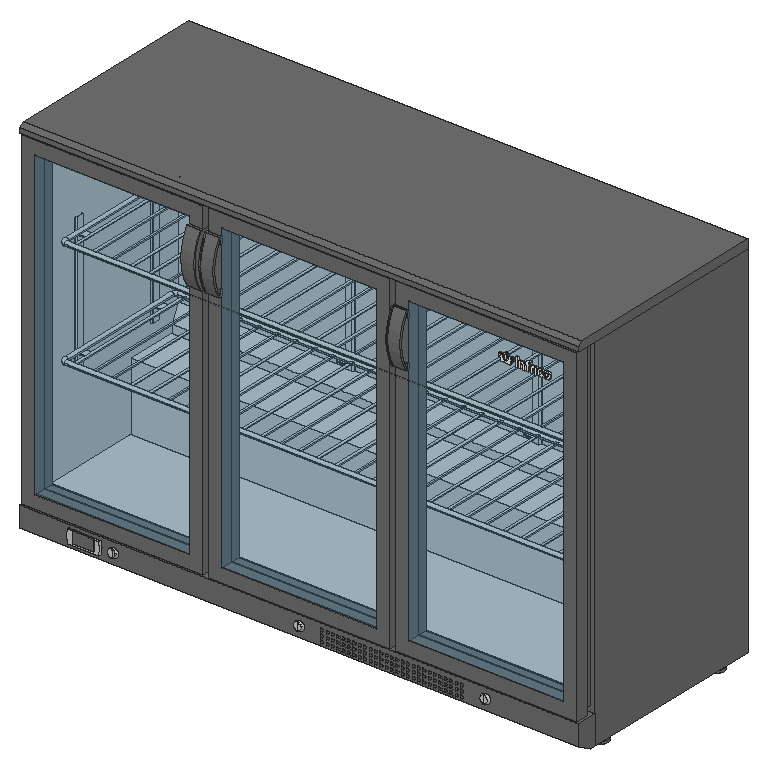
Revit family "QF_INFRICO_ERV35_250807112618", category Specialty Equipment, Revit 2021
Family settings
  Round Connector Dimension = Use Diameter
  Part Type = Normal
  OmniClass Number = 23.40.40.14
  OmniClass Title = Food Service Equipment
  Work Plane-Based = No
  Always vertical = Yes
  Cut with Voids When Loaded = No
  Shared = No
  Room Calculation Point = No
Parameters (values of type "ERV35")
  Weight [instance] = 116.002 kg
  Warranty Start Date [instance] = ""
  Warranty Duration [instance] = ""
  Volts [instance] = 230 V
  Volt Free Conn [instance] = no
  URL Recommended Spares List [instance] = ""
  URL Manufacturer [instance] = ""
  URL Cutsheet [instance] = ""
  URL Critical Spares List [instance] = ""
  URL = "www.infrico.com"
  Technical Documentation [instance] = ""
  Tag Number [instance] = ""
  Status [instance] = ""
  Start Up Current [instance] = 0 A
  Specification by User [instance] = ""
  Specification by Manufacturer [instance] = ""
  Sound Level [instance] = ""
  Show Logo [instance] = yes
  Show Clearances [instance] = yes
  Service Life Duration [instance] = ""
  Serial Number [instance] = ""
  Seismic Rating [instance] = ""
  SMACNA No [instance] = ""
  Revision Code [instance] = ""
  Revision [instance] = ""
  Production Year [instance] = ""
  Potential Equalisation [instance] = no
  Point Load [instance] = 0
  Phase [instance] = 1
  Other Equipment Approvals [instance] = ""
  Operational Current [instance] = 0 A
  Number of Poles [instance] = 2
  No Load Power Draw [instance] = no
  NAFEM Spec ID Number [instance] = ""
  Model Warning [instance] = ""
  Model = "ERV35"
  Min Ckt Ampacity [instance] = 0 A
  Max Overcurrent Protection [instance] = 0 A
  Masterspec [instance] = ""
  Manufacturer = "INFRICO"
  Main switch integrated [instance] = no
  Length Actual [instance] = 1350.01 mm
  Item Number [instance] = ""
  Installed By [instance] = ""
  Installation Date [instance] = ""
  Identify Quantity as Lot [instance] = no
  ID [instance] = ""
  Hygiene Approval [instance] = ""
  Height Actual [instance] = 919.988 mm
  HP power [instance] = ""
  Furnished By [instance] = ""
  Foodservice Equipment Identifier [instance] = no
  FL Amps [instance] = 0 A
  Electrical Remarks [instance] = ""
  Electric power [instance] = 260 W
  Electric Connection Type [instance] = ""
  Elec Conn RI Height [instance] = 0 mm
  Elec Conn Connection Height [instance] = 0 mm
  ETL Approved [instance] = no
  Description = "BACK-BAR 920 MM HEIGHT - GLASS DOORS - THREE DOORS - R290"
  Depth Actual [instance] = 510.032 mm
  Default Elevation = 0 mm
  Cycle [instance] = 50 Hz
  Cost = 0
  Connection to energy optimisation system [instance] = yes
  Conn Plug [instance] = ""
  Conn Conduit [instance] = no
  Centralized building control system with digital interface [instance] = ""
  CSI MasterFormat [instance] = ""
  CE Approved [instance] = no
  Barcode [instance] = 0
  Author [instance] = ""
  Asset Identifier [instance] = ""
  Apparent Power [instance] = 260 VA
  Accessory [instance] = no
Reference planes
  plane 1 "Center (Front/Back)": y = 0
  plane 2: z = 0
  plane 3 "Center (Left/Right)": x = 0
Forms (mm)
  Extrusion 1, solid, not visible
    sketch origin (670.033, -4, 35.002) x (1, 0, 0) y (0, 1, 0)
      loop
        line (-2, 2) -> (-2, -2) -> (2, -2) -> (2, 2) -> (-2, 2)
    from -2 to 2
Dimensions and locks
  locked: Extrusion 1 to nested 2
  locked: nested 2 to Extrusion 1 at 2
  aligned and locked: level to plane 2
Nested families
  nested 1: "QF_INFRICO_ERV35_2920" at (0, 0, 0), type "ERV35"
    with Weight 116.002 kg, Warranty Start Date "", Warranty Duration "", URL Cutsheet "", Technical Documentation "", Tag Number "", Status "", Specification by User "", Specification by Manufacturer "", Sound Level "", Solid Fuel Type "", Show Logo yes, Show Clearances yes, Show Clearance yes, Service Life Duration "", Serial Number "", Seismic Rating "", SMACNA No "", Revision Code "", Revision "", Production Year "", Point Load 0, Other Equipment Approvals "", NAFEM Spec ID Number "", Model Warning "", Masterspec "", Length Actual 1350.01 mm, Item Number "", Installed By "", Installation Date "", Identify Quantity as Lot yes, ID "", Hygiene Approval "", Height Actual 919.988 mm, Furnished By "", Foodservice Equipment Identifier yes, ETL Approved yes, Depth Actual 510.032 mm, CSI MasterFormat "", CE Approved no, Barcode "", Author "", Asset Identifier "", Accessory no
  nested 2: "CONN_POINT_ELE_2D___Generic_Annotation" at (670.033, -2, 35.002), type "CONN_POINT_ELE_2D___Generic_Annotation"
    with Onboard connection annotation symbol visibility yes
Connectors
  electrical at (670.033, -2, 35.002), driven by "Apparent Power", driven by "Number of Poles", driven by "Volts"
    settings: on Extrusion 1, index 1, voltage 230 V, apparent load 0 VA, apparent load phase1 260 VA, apparent load phase2 0 VA, apparent load phase3 0 VA, power factor 1, load classification "Other", number of poles 2, system type 31, power factor state 1, is connector primary yes, connector utility no, sub classification motor no, connector description "Electrical connection for ERV35"
Definition of nested family "QF_INFRICO_ERV35_2920"
  Parameters (values of type "ERV35")
    Weight [instance] = 0.00 kg
    Warranty Start Date [instance] = ""
    Warranty Duration [instance] = ""
    URL Cutsheet [instance] = ""
    URL = "www.infrico.com"
    Technical Documentation [instance] = ""
    Tag Number [instance] = ""
    Status [instance] = ""
    Specification by User [instance] = ""
    Specification by Manufacturer [instance] = ""
    Sound Level [instance] = ""
    Solid Fuel Type [instance] = ""
    Show Logo [instance] = yes
    Show Clearances [instance] = yes
    Show Clearance [instance] = yes
    Service Life Duration [instance] = ""
    Serial Number [instance] = ""
    Seismic Rating [instance] = ""
    SMACNA No [instance] = ""
    Revision Code [instance] = ""
    Revision [instance] = ""
    Production Year [instance] = ""
    Point Load [instance] = 0
    Other Equipment Approvals [instance] = ""
    NAFEM Spec ID Number [instance] = ""
    Model Warning [instance] = ""
    Model = "ERV35"
    Masterspec [instance] = ""
    Manufacturer = "INFRICO"
    Length Actual [instance] = 0 mm
    Item Number [instance] = ""
    Installed By [instance] = ""
    Installation Date [instance] = ""
    Identify Quantity as Lot [instance] = yes
    ID [instance] = ""
    Hygiene Approval [instance] = ""
    Height Actual [instance] = 0 mm
    Furnished By [instance] = ""
    Foodservice Equipment Identifier [instance] = yes
    ETL Approved [instance] = yes
    Description = "BACK-BAR 920 MM HEIGHT - GLASS DOORS - THREE DOORS - R290"
    Depth Actual [instance] = 0 mm
    Default Elevation = 0 mm
    CSI MasterFormat [instance] = ""
    CE Approved [instance] = yes
    Barcode [instance] = ""
    Author [instance] = ""
    Asset Identifier [instance] = ""
    Assembly Code = "E1090320"
    Accessory [instance] = yes
  Reference planes
    plane 1 "Back": y = 0
    plane 2: z = 0
    plane 3 "Left": x = 0
    plane 4 "Right": x = 1350
    plane 5 "Front": y = -510
    plane 6 "Top": z = 920
  Forms (mm)
    Extrusion 1, solid
      sketch origin (451, -480, -13) x (1, 0, 0) y (0, 0, 1)
        loop
          line (5, 897.5) -> (5, 97.5) -> (443, 97.5) -> (443, 897.5) -> (5, 897.5)
        loop
          line (411, 865.5) -> (37, 865.5) -> (37, 129.5) -> (411, 129.5) -> (411, 865.5)
      from 0 to 30
    Extrusion 2, solid
      sketch origin (-549, -460, -13) x (1, 0, 0) y (0, 0, 1)
        loop
          line (1015, 887.5) -> (1015, 107.5) -> (1433, 107.5) -> (1433, 887.5) -> (1015, 887.5)
        loop
          line (1037, 865.5) -> (1037, 129.5) -> (1411, 129.5) -> (1411, 865.5) -> (1037, 865.5)
      from 0 to 20
    Extrusion 3, solid, visible <- "Show Logo"
      sketch origin (-4.231, -510, 106.214) x (1, 0, 0) y (0, 0, 1)
        loop
          line (1208.799, 696.53) -> (1208.799, 719.204) -> (1204.173, 719.204) -> (1204.173, 696.53) -> (1208.799, 696.53)
        loop
          line (1214.779, 713.006) -> (1211.283, 713.006) -> (1211.283, 696.53) -> (1215.772, 696.53) -> (1215.772, 707.832)
          arc (1215.772, 707.832) -> (1217.528, 708.741) -> (1219.417, 709.324) r 11.052
          arc (1219.417, 709.324) -> (1220.929, 708.961) -> (1221.598, 707.557) r 1.806
          line (1221.598, 707.557) -> (1221.598, 696.53) -> (1226.121, 696.53) -> (1226.121, 708.689)
          arc (1226.121, 708.689) -> (1224.637, 712.075) -> (1221.141, 713.281) r 4.607
          arc (1221.141, 713.281) -> (1218.282, 712.674) -> (1215.669, 711.361) r 11.435
          line (1215.669, 711.361) -> (1215.601, 712.184)
          arc (1215.601, 712.184) -> (1215.36, 712.765) -> (1214.779, 713.006) r 0.822
        loop
          line (1238.557, 720.102) -> (1237.306, 720.102)
          arc (1237.306, 720.102) -> (1235.052, 719.926) -> (1232.881, 719.297) r 11.103
          arc (1232.881, 719.297) -> (1230.805, 717.616) -> (1230.024, 715.062) r 4.567
          line (1230.024, 715.062) -> (1230.024, 712.909) -> (1227.351, 712.703) -> (1227.351, 709.374) -> (1230.024, 709.374) -> (1230.024, 696.53) -> (1234.547, 696.53) -> (1234.547, 709.374) -> (1238.249, 709.374) -> (1238.249, 712.938) -> (1234.547, 712.938) -> (1234.547, 714.548)
          arc (1234.547, 714.548) -> (1234.956, 715.705) -> (1236.045, 716.271) r 1.67
          line (1236.045, 716.271) -> (1237.7, 716.399)
          arc (1237.7, 716.399) -> (1238.306, 716.65) -> (1238.557, 717.255) r 0.857
          line (1238.557, 717.255) -> (1238.557, 720.102)
        loop
          line (1239.479, 713.006) -> (1239.479, 696.53) -> (1243.968, 696.53) -> (1243.968, 707.352)
          arc (1243.968, 707.352) -> (1245.873, 708.631) -> (1248.077, 709.268) r 7.435
          line (1248.077, 709.268) -> (1249.241, 709.416)
          arc (1249.241, 709.416) -> (1249.643, 709.758) -> (1249.793, 710.265) r 0.928
          line (1249.793, 710.265) -> (1249.793, 712.458)
          arc (1249.793, 712.458) -> (1249.531, 713.061) -> (1248.912, 713.28) r 0.824
          arc (1248.912, 713.28) -> (1246.197, 712.588) -> (1243.899, 710.984) r 7.833
          line (1243.899, 710.984) -> (1243.726, 713.006) -> (1239.479, 713.006)
        loop
          line (1255.495, 696.53) -> (1255.495, 713.006) -> (1251.006, 713.006) -> (1251.006, 696.53) -> (1255.495, 696.53)
        loop
          arc (1257.421, 701.327) -> (1258.567, 698.188) -> (1261.466, 696.525) r 4.873
          arc (1261.466, 696.525) -> (1264.493, 696.266) -> (1267.521, 696.525) r 17.816
          arc (1267.521, 696.525) -> (1270.575, 699.134) -> (1271.505, 703.041) r 6.481
          line (1271.505, 703.041) -> (1267.187, 703.041) -> (1267.187, 701.67)
          arc (1267.187, 701.67) -> (1266.64, 700.452) -> (1265.442, 699.865) r 1.965
          arc (1265.442, 699.865) -> (1264.547, 699.816) -> (1263.653, 699.865) r 8.196
          arc (1263.653, 699.865) -> (1262.417, 700.415) -> (1261.91, 701.67) r 1.806
          line (1261.91, 701.67) -> (1261.91, 707.9)
          arc (1261.91, 707.9) -> (1262.417, 709.155) -> (1263.653, 709.705) r 1.806
          arc (1263.653, 709.705) -> (1264.547, 709.754) -> (1265.442, 709.705) r 8.196
          arc (1265.442, 709.705) -> (1266.64, 709.118) -> (1267.187, 707.9) r 1.965
          line (1267.187, 707.9) -> (1267.187, 706.838) -> (1271.505, 706.838)
          arc (1271.505, 706.838) -> (1270.524, 710.556) -> (1267.521, 712.959) r 6.132
          arc (1267.521, 712.959) -> (1264.493, 713.294) -> (1261.466, 712.959) r 13.851
          arc (1261.466, 712.959) -> (1258.571, 711.349) -> (1257.421, 708.243) r 4.772
          line (1257.421, 708.243) -> (1257.421, 701.327)
        loop
          arc (1272.916, 701.329) -> (1273.993, 698.345) -> (1276.726, 696.734) r 4.676
          arc (1276.726, 696.734) -> (1278.515, 696.455) -> (1280.318, 696.291) r 28.371
          arc (1280.318, 696.291) -> (1282.122, 696.455) -> (1283.911, 696.734) r 28.371
          arc (1283.911, 696.734) -> (1286.644, 698.345) -> (1287.72, 701.329) r 4.676
          line (1287.72, 701.329) -> (1287.72, 708.242)
          arc (1287.72, 708.242) -> (1286.644, 711.226) -> (1283.911, 712.837) r 4.676
          arc (1283.911, 712.837) -> (1282.122, 713.116) -> (1280.318, 713.28) r 28.371
          arc (1280.318, 713.28) -> (1278.515, 713.116) -> (1276.726, 712.837) r 28.371
          arc (1276.726, 712.837) -> (1273.993, 711.226) -> (1272.916, 708.242) r 4.676
          line (1272.916, 708.242) -> (1272.916, 701.329)
        loop
          line (1277.405, 707.866) -> (1277.405, 701.705)
          arc (1277.405, 701.705) -> (1277.844, 700.556) -> (1278.936, 699.991) r 1.725
          arc (1278.936, 699.991) -> (1279.627, 699.918) -> (1280.318, 699.856) r 46.133
          arc (1280.318, 699.856) -> (1281.01, 699.918) -> (1281.701, 699.991) r 46.133
          arc (1281.701, 699.991) -> (1282.793, 700.556) -> (1283.231, 701.705) r 1.725
          line (1283.231, 701.705) -> (1283.231, 707.866)
          arc (1283.231, 707.866) -> (1282.793, 709.015) -> (1281.701, 709.58) r 1.725
          arc (1281.701, 709.58) -> (1281.01, 709.653) -> (1280.318, 709.716) r 46.133
          arc (1280.318, 709.716) -> (1279.627, 709.653) -> (1278.936, 709.58) r 46.133
          arc (1278.936, 709.58) -> (1277.844, 709.015) -> (1277.405, 707.866) r 1.725
        loop
          arc (1190.339, 696.543) -> (1191.411, 696.987) -> (1191.856, 698.059) r 1.516
          line (1191.856, 698.059) -> (1191.856, 703.891) -> (1196.035, 703.891)
          arc (1196.035, 703.891) -> (1196.79, 704.121) -> (1197.218, 704.782) r 1.147
          line (1197.218, 704.782) -> (1197.218, 706.211)
          arc (1197.218, 706.211) -> (1196.787, 707.258) -> (1195.719, 707.634) r 1.385
          line (1195.719, 707.634) -> (1194.52, 707.634) -> (1197.218, 710.332)
          arc (1197.218, 710.332) -> (1197.605, 711.266) -> (1197.218, 712.2) r 1.321
          line (1197.218, 712.2) -> (1196.495, 712.923)
          arc (1196.495, 712.923) -> (1195.54, 713.338) -> (1194.558, 712.991) r 1.422
          line (1194.558, 712.991) -> (1191.853, 710.286) -> (1191.853, 711.479)
          arc (1191.853, 711.479) -> (1191.443, 712.516) -> (1190.435, 712.992) r 1.516
          line (1190.435, 712.992) -> (1189.514, 712.992)
          arc (1189.514, 712.992) -> (1188.511, 712.514) -> (1188.103, 711.479) r 1.516
          line (1188.103, 711.479) -> (1188.103, 706.83) -> (1182.073, 701.336) -> (1182.073, 707.509) -> (1185.639, 711.075)
          arc (1185.639, 711.075) -> (1186.053, 712.073) -> (1185.639, 713.071) r 1.412
          line (1185.639, 713.071) -> (1184.987, 713.723)
          arc (1184.987, 713.723) -> (1183.939, 714.141) -> (1182.915, 713.667) r 1.428
          line (1182.915, 713.667) -> (1182.073, 712.825) -> (1182.073, 717.784)
          arc (1182.073, 717.784) -> (1181.658, 718.787) -> (1180.655, 719.203) r 1.418
          line (1180.655, 719.203) -> (1179.726, 719.203)
          arc (1179.726, 719.203) -> (1178.723, 718.787) -> (1178.308, 717.784) r 1.418
          line (1178.308, 717.784) -> (1178.308, 712.825) -> (1177.466, 713.667)
          arc (1177.466, 713.667) -> (1176.442, 714.141) -> (1175.394, 713.723) r 1.428
          line (1175.394, 713.723) -> (1174.742, 713.071)
          arc (1174.742, 713.071) -> (1174.328, 712.073) -> (1174.742, 711.075) r 1.412
          line (1174.742, 711.075) -> (1178.308, 707.509) -> (1178.308, 701.336) -> (1172.278, 706.83) -> (1172.278, 711.479)
          arc (1172.278, 711.479) -> (1171.87, 712.514) -> (1170.867, 712.992) r 1.516
          line (1170.867, 712.992) -> (1169.946, 712.992)
          arc (1169.946, 712.992) -> (1168.938, 712.516) -> (1168.528, 711.479) r 1.516
          line (1168.528, 711.479) -> (1168.528, 710.286) -> (1165.823, 712.991)
          arc (1165.823, 712.991) -> (1164.841, 713.338) -> (1163.886, 712.923) r 1.422
          line (1163.886, 712.923) -> (1163.163, 712.2)
          arc (1163.163, 712.2) -> (1162.776, 711.266) -> (1163.163, 710.332) r 1.321
          line (1163.163, 710.332) -> (1165.861, 707.634) -> (1164.662, 707.634)
          arc (1164.662, 707.634) -> (1163.594, 707.258) -> (1163.163, 706.211) r 1.385
          line (1163.163, 706.211) -> (1163.163, 704.782)
          arc (1163.163, 704.782) -> (1163.591, 704.121) -> (1164.346, 703.891) r 1.147
          line (1164.346, 703.891) -> (1168.525, 703.891) -> (1168.525, 698.059)
          arc (1168.525, 698.059) -> (1168.969, 696.987) -> (1170.042, 696.543) r 1.516
          line (1170.042, 696.543) -> (1190.339, 696.543)
      from 0 to 2
    Extrusion 4, solid
      sketch origin (-549, -510, -63) x (1, 0, 0) y (0, 0, 1)
        loop
          line (1005, 897.5) -> (1005, 895.5) -> (1037, 880.5) -> (1037, 897.5) -> (1005, 897.5)
      from 0 to 3
    Extrusion 5, solid
      sketch origin (-549, -510, 1602) x (1, 0, 0) y (0, 0, 1)
        loop
          line (1005, -897.5) -> (1037, -897.5) -> (1037, -880.5) -> (1005, -895.5) -> (1005, -897.5)
      from 0 to 3
    Extrusion 6, solid
      sketch origin (-549, 0, -13) x (0, 1, 0) y (0, 0, 1)
        loop
          line (-513, 845.5) -> (-513, 847.5) -> (-518.104, 847.5)
          arc (-518.104, 847.5) -> (-537.038, 782.5) -> (-518.104, 717.5) r 121.038
          line (-518.104, 717.5) -> (-513, 717.5) -> (-513, 719.5) -> (-517, 719.5)
          arc (-517, 719.5) -> (-535.038, 782.5) -> (-517, 845.5) r 119.038
          line (-517, 845.5) -> (-513, 845.5)
      from 1005 to 1037
    Extrusion 7, solid
      sketch origin (-549, 0, 584.5) x (1, 0, 0) y (0, 1, 0)
        loop
          line (1005, -513) -> (1005, -487) -> (1002, -490) -> (1002, -513) -> (1005, -513)
      from 120 to 250
    Extrusion 8, solid
      sketch origin (-549, 0, -13) x (0, 1, 0) y (0, 0, 1)
        loop
          line (-513, 847.5) -> (-518.104, 847.5)
          arc (-518.104, 847.5) -> (-537.038, 782.5) -> (-518.104, 717.5) r 121.038
          line (-518.104, 717.5) -> (-513, 717.5) -> (-513, 847.5)
      from 1002 to 1005
    Extrusion 9, solid
      sketch origin (0, 0, -815) x (0, 1, 0) y (0, 0, 1)
        loop
          line (-458, 931.5) -> (-458, 919.5) -> (-204, 919.5) -> (-204, 1084.5) -> (-81, 1084.5) -> (-81, 1113.667) -> (-61, 1153.667) -> (-61, 1494.333) -> (-81, 1534.333) -> (-81, 1693.5) -> (-458, 1693.5) -> (-458, 1681.5) -> (-93, 1681.5) -> (-93, 1531.5) -> (-73, 1491.5) -> (-73, 1156.5) -> (-93, 1116.5) -> (-93, 1096.5) -> (-216, 1096.5) -> (-216, 931.5) -> (-458, 931.5)
      from 30 to 1320
    Extrusion 10, solid, visible <- "Show Clearance", detail levels coarse
      sketch origin (899, 0, 0) x (-1, 0, 0) y (0, -1, 0)
        loop
          line (5, 510) -> (443, 510)
          arc (443, 510) -> (323.5, 798.5) -> (35, 918) r 408
          line (35, 918) -> (5, 918) -> (5, 510)
      from 84.5 to 884.5
    Extrusion 11, solid
      sketch origin (-549, -508, 0) x (1, 0, 0) y (0, 0, 1)
        loop
          line (1037, 852.5) -> (1037, 116.5) -> (1411, 116.5) -> (1411, 852.5) -> (1037, 852.5)
      from 0 to 2
    Extrusion 12, solid
      sketch origin (-925.627, -156, 332.5) x (1, 0, 0) y (0, 1, 0)
        loop
          line (957.627, 0) -> (958.627, 0) -> (958.627, 1) -> (962.627, 3) -> (962.627, 18) -> (958.627, 20) -> (958.627, 21) -> (957.627, 21) -> (957.627, 19.382) -> (961.627, 17.382) -> (961.627, 3.618) -> (957.627, 1.618) -> (957.627, 0)
      from 0 to 330
    Extrusion 13, solid
      sketch origin (-829.627, -156, 625.5) x (1, 0, 0) y (0, 1, 0)
        loop
          line (862.627, 21) -> (862.627, 20) -> (866.627, 18) -> (866.627, 3) -> (862.627, 1) -> (862.627, 0) -> (892.627, 0) -> (892.627, 21) -> (862.627, 21)
      from 0 to 2
    Extrusion 14, solid
      sketch origin (-829.627, -156, 367.5) x (1, 0, 0) y (0, 1, 0)
        loop
          line (862.627, 21) -> (862.627, 20) -> (866.627, 18) -> (866.627, 3) -> (862.627, 1) -> (862.627, 0) -> (892.627, 0) -> (892.627, 21) -> (862.627, 21)
      from 0 to 2
    Extrusion 15, solid
      sketch origin (-925.627, -386, 332.5) x (1, 0, 0) y (0, 1, 0)
        loop
          line (957.627, 0) -> (958.627, 0) -> (958.627, 1) -> (962.627, 3) -> (962.627, 18) -> (958.627, 20) -> (958.627, 21) -> (957.627, 21) -> (957.627, 19.382) -> (961.627, 17.382) -> (961.627, 3.618) -> (957.627, 1.618) -> (957.627, 0)
      from 0 to 330
    Extrusion 16, solid
      sketch origin (-829.627, -386, 625.5) x (1, 0, 0) y (0, 1, 0)
        loop
          line (862.627, 21) -> (862.627, 20) -> (866.627, 18) -> (866.627, 3) -> (862.627, 1) -> (862.627, 0) -> (892.627, 0) -> (892.627, 21) -> (862.627, 21)
      from 0 to 2
    Extrusion 17, solid
      sketch origin (-829.627, -386, 367.5) x (1, 0, 0) y (0, 1, 0)
        loop
          line (862.627, 21) -> (862.627, 20) -> (866.627, 18) -> (866.627, 3) -> (862.627, 1) -> (862.627, 0) -> (892.627, 0) -> (892.627, 21) -> (862.627, 21)
      from 0 to 2
    Extrusion 18, solid
      sketch origin (2275.627, -156, 332.5) x (-1, 0, 0) y (0, -1, 0)
        loop
          line (957.627, 0) -> (957.627, -1.618) -> (961.627, -3.618) -> (961.627, -17.382) -> (957.627, -19.382) -> (957.627, -21) -> (958.627, -21) -> (958.627, -20) -> (962.627, -18) -> (962.627, -3) -> (958.627, -1) -> (958.627, 0) -> (957.627, 0)
      from 0 to 330
    Extrusion 19, solid
      sketch origin (2179.627, -156, 625.5) x (-1, 0, 0) y (0, -1, 0)
        loop
          line (862.627, -21) -> (892.627, -21) -> (892.627, 0) -> (862.627, 0) -> (862.627, -1) -> (866.627, -3) -> (866.627, -18) -> (862.627, -20) -> (862.627, -21)
      from 0 to 2
    Extrusion 20, solid
      sketch origin (2179.627, -156, 367.5) x (-1, 0, 0) y (0, -1, 0)
        loop
          line (862.627, -21) -> (892.627, -21) -> (892.627, 0) -> (862.627, 0) -> (862.627, -1) -> (866.627, -3) -> (866.627, -18) -> (862.627, -20) -> (862.627, -21)
      from 0 to 2
    Extrusion 21, solid
      sketch origin (2275.627, -386, 332.5) x (-1, 0, 0) y (0, -1, 0)
        loop
          line (957.627, 0) -> (957.627, -1.618) -> (961.627, -3.618) -> (961.627, -17.382) -> (957.627, -19.382) -> (957.627, -21) -> (958.627, -21) -> (958.627, -20) -> (962.627, -18) -> (962.627, -3) -> (958.627, -1) -> (958.627, 0) -> (957.627, 0)
      from 0 to 330
    Extrusion 22, solid
      sketch origin (2179.627, -386, 625.5) x (-1, 0, 0) y (0, -1, 0)
        loop
          line (862.627, -21) -> (892.627, -21) -> (892.627, 0) -> (862.627, 0) -> (862.627, -1) -> (866.627, -3) -> (866.627, -18) -> (862.627, -20) -> (862.627, -21)
      from 0 to 2
    Extrusion 23, solid
      sketch origin (2179.627, -386, 367.5) x (-1, 0, 0) y (0, -1, 0)
        loop
          line (862.627, -21) -> (892.627, -21) -> (892.627, 0) -> (862.627, 0) -> (862.627, -1) -> (866.627, -3) -> (866.627, -18) -> (862.627, -20) -> (862.627, -21)
      from 0 to 2
    Extrusion 24, solid
      sketch origin (447, -480, -13) x (-1, 0, 0) y (0, 0, -1)
        loop
          line (5, -897.5) -> (443, -897.5) -> (443, -97.5) -> (5, -97.5) -> (5, -897.5)
        loop
          line (411, -865.5) -> (411, -129.5) -> (37, -129.5) -> (37, -865.5) -> (411, -865.5)
      from 0 to 30
    Extrusion 25, solid
      sketch origin (1447, -460, -13) x (-1, 0, 0) y (0, 0, -1)
        loop
          line (1015, -887.5) -> (1433, -887.5) -> (1433, -107.5) -> (1015, -107.5) -> (1015, -887.5)
        loop
          line (1037, -865.5) -> (1411, -865.5) -> (1411, -129.5) -> (1037, -129.5) -> (1037, -865.5)
      from 0 to 20
    Extrusion 26, solid
      sketch origin (1447, -510, -63) x (-1, 0, 0) y (0, 0, -1)
        loop
          line (1005, -897.5) -> (1037, -897.5) -> (1037, -880.5) -> (1005, -895.5) -> (1005, -897.5)
      from 0 to 3
    Extrusion 27, solid
      sketch origin (1447, -510, 1602) x (-1, 0, 0) y (0, 0, -1)
        loop
          line (1005, 897.5) -> (1005, 895.5) -> (1037, 880.5) -> (1037, 897.5) -> (1005, 897.5)
      from 0 to 3
    Extrusion 28, solid
      sketch origin (1447, 0, -13) x (0, 1, 0) y (0, 0, -1)
        loop
          line (-513, -845.5) -> (-517, -845.5)
          arc (-517, -845.5) -> (-535.038, -782.5) -> (-517, -719.5) r 119.038
          line (-517, -719.5) -> (-513, -719.5) -> (-513, -717.5) -> (-518.104, -717.5)
          arc (-518.104, -717.5) -> (-537.038, -782.5) -> (-518.104, -847.5) r 121.038
          line (-518.104, -847.5) -> (-513, -847.5) -> (-513, -845.5)
      from 1005 to 1037
    Extrusion 29, solid
      sketch origin (1447, 0, 584.5) x (-1, 0, 0) y (0, -1, 0)
        loop
          line (1005, 513) -> (1002, 513) -> (1002, 490) -> (1005, 487) -> (1005, 513)
      from 120 to 250
    Extrusion 30, solid
      sketch origin (1447, 0, -13) x (0, 1, 0) y (0, 0, -1)
        loop
          line (-513, -847.5) -> (-513, -717.5) -> (-518.104, -717.5)
          arc (-518.104, -717.5) -> (-537.038, -782.5) -> (-518.104, -847.5) r 121.038
          line (-518.104, -847.5) -> (-513, -847.5)
      from 1002 to 1005
    Extrusion 31, solid, visible <- "Show Clearance", detail levels coarse
      sketch origin (-1, 0, 0) x (1, 0, 0) y (0, 1, 0)
        loop
          line (5, -510) -> (5, -918) -> (35, -918)
          arc (35, -918) -> (323.5, -798.5) -> (443, -510) r 408
          line (443, -510) -> (5, -510)
      from 84.5 to 884.5
    Extrusion 32, solid
      sketch origin (1447, -508, 0) x (-1, 0, 0) y (0, 0, -1)
        loop
          line (1037, -852.5) -> (1411, -852.5) -> (1411, -116.5) -> (1037, -116.5) -> (1037, -852.5)
      from 0 to 2
    Extrusion 33, solid
      sketch origin (459.5, -1415.627, 332.5) x (0, 1, 0) y (-1, 0, 0)
        loop
          line (957.627, 0) -> (958.627, 0) -> (958.627, 1) -> (962.627, 3) -> (962.627, 18) -> (958.627, 20) -> (958.627, 21) -> (957.627, 21) -> (957.627, 19.382) -> (961.627, 17.382) -> (961.627, 3.618) -> (957.627, 1.618) -> (957.627, 0)
      from 0 to 330
    Extrusion 34, solid
      sketch origin (460.5, -1319.627, 625.5) x (0, 1, 0) y (-1, 0, 0)
        loop
          line (862.627, 21) -> (862.627, 20) -> (866.627, 18) -> (866.627, 3) -> (862.627, 1) -> (862.627, 0) -> (892.627, 0) -> (892.627, 21) -> (862.627, 21)
      from 0 to 2
    Extrusion 35, solid
      sketch origin (460.5, -1319.627, 367.5) x (0, 1, 0) y (-1, 0, 0)
        loop
          line (862.627, 21) -> (862.627, 20) -> (866.627, 18) -> (866.627, 3) -> (862.627, 1) -> (862.627, 0) -> (892.627, 0) -> (892.627, 21) -> (862.627, 21)
      from 0 to 2
    Extrusion 36, solid
      sketch origin (459.5, 884.627, 332.5) x (0, -1, 0) y (1, 0, 0)
        loop
          line (957.627, 0) -> (957.627, -1.618) -> (961.627, -3.618) -> (961.627, -17.382) -> (957.627, -19.382) -> (957.627, -21) -> (958.627, -21) -> (958.627, -20) -> (962.627, -18) -> (962.627, -3) -> (958.627, -1) -> (958.627, 0) -> (957.627, 0)
      from 9 to 330
    Extrusion 37, solid
      sketch origin (460.5, 788.627, 625.5) x (0, -1, 0) y (1, 0, 0)
        loop
          line (862.627, -21) -> (892.627, -21) -> (892.627, 0) -> (862.627, 0) -> (862.627, -1) -> (866.627, -3) -> (866.627, -18) -> (862.627, -20) -> (862.627, -21)
      from 0 to 2
    Extrusion 38, solid
      sketch origin (460.5, 788.627, 367.5) x (0, -1, 0) y (1, 0, 0)
        loop
          line (862.627, -21) -> (892.627, -21) -> (892.627, 0) -> (862.627, 0) -> (862.627, -1) -> (866.627, -3) -> (866.627, -18) -> (862.627, -20) -> (862.627, -21)
      from 0 to 2
    Extrusion 39, solid
      sketch origin (0, 0, -18) x (0, 1, 0) y (0, 0, 1)
        loop
          line (0, 905) -> (-460, 905) -> (-460, 30) -> (0, 30) -> (0, 905)
      from 0 to 30
    Extrusion 40, solid
      sketch origin (0, 0, -13) x (0, 1, 0) y (0, 0, 1)
        loop
          line (0, 900) -> (0, 920) -> (-500, 920) -> (-510, 910) -> (-510, 900) -> (0, 900)
      from 0 to 1350
    Extrusion 41, solid
      sketch origin (1320, 0, -18) x (0, 1, 0) y (0, 0, 1)
        loop
          line (0, 905) -> (-460, 905) -> (-460, 30) -> (0, 30) -> (0, 905)
      from 0 to 30
    Extrusion 42, solid
      sketch origin (0, 0, -13) x (1, 0, 0) y (0, 0, 1)
        loop
          line (30, 900) -> (30, 254) -> (1320, 254) -> (1320, 900) -> (30, 900)
      from 0 to 12
    Extrusion 43, solid
      sketch origin (0, 0, -13) x (1, 0, 0) y (0, 0, 1)
        loop
          line (30, 254) -> (30, 25) -> (1320, 25) -> (1320, 254) -> (30, 254)
      from 0 to 12
    Extrusion 44, solid
      sketch origin (0, 0, -13) x (0, 1, 0) y (0, 0, 1)
        loop
          line (-12, 25) -> (-12, 35) -> (-460, 35) -> (-460, 25) -> (-12, 25)
      from 30 to 1320
    Extrusion 45, solid
      sketch origin (0, 0, -112) x (0, 1, 0) y (0, 0, 1)
        loop
          line (-460, 144) -> (-510, 144) -> (-473, 124) -> (-460, 124) -> (-460, 144)
      from 0 to 1350
    Extrusion 46, solid
      sketch origin (-856, -515, -482) x (1, 0, 0) y (0, 0, -1)
        loop
          arc (974, -555) -> (1012.5, -557) -> (1051, -555) r 371.563
          arc (1051, -555) -> (1052, -539) -> (1051, -523) r 128.5
          arc (1051, -523) -> (1012.5, -521) -> (974, -523) r 371.563
          arc (974, -523) -> (973, -539) -> (974, -555) r 128.5
      from 0 to 5
    Extrusion 47, solid
      sketch origin (-856, -515.1, -482) x (1, 0, 0) y (0, 0, -1)
        loop
          line (1038, -528.124) -> (987, -528.124) -> (987, -556.124)
          arc (987, -556.124) -> (1012.5, -557) -> (1038, -556.124) r 371.563
          line (1038, -556.124) -> (1038, -528.124)
      from 0 to 2
    Revolve 48, solid
      sketch origin (15, -70, 0) x (0, 1, 0) y (0, 0, 1)
        loop
          line (0, 0) -> (0, 12) -> (-5, 12) -> (-5, 9.5) -> (-13, 9.5)
          arc (-13, 9.5) -> (-14.414, 8.914) -> (-15, 7.5) r 2
          line (-15, 7.5) -> (-15, 2.5) -> (-12, 2.5) -> (-12, 0) -> (0, 0)
        axis (0, 0) -> (0, 12)
      angle from 0 to 360
    Revolve 49, solid
      sketch origin (15, -420, 0) x (0, 1, 0) y (0, 0, 1)
        loop
          line (0, 0) -> (0, 12) -> (-5, 12) -> (-5, 9.5) -> (-13, 9.5)
          arc (-13, 9.5) -> (-14.414, 8.914) -> (-15, 7.5) r 2
          line (-15, 7.5) -> (-15, 2.5) -> (-12, 2.5) -> (-12, 0) -> (0, 0)
        axis (0, 0) -> (0, 12)
      angle from 0 to 360
    Revolve 50, solid
      sketch origin (1335, -70, 0) x (0, 1, 0) y (0, 0, 1)
        loop
          line (0, 0) -> (0, 12) -> (-5, 12) -> (-5, 9.5) -> (-13, 9.5)
          arc (-13, 9.5) -> (-14.414, 8.914) -> (-15, 7.5) r 2
          line (-15, 7.5) -> (-15, 2.5) -> (-12, 2.5) -> (-12, 0) -> (0, 0)
        axis (0, 0) -> (0, 12)
      angle from 0 to 360
    Revolve 51, solid
      sketch origin (1335, -420, 0) x (0, 1, 0) y (0, 0, 1)
        loop
          line (0, 0) -> (0, 12) -> (-5, 12) -> (-5, 9.5) -> (-13, 9.5)
          arc (-13, 9.5) -> (-14.414, 8.914) -> (-15, 7.5) r 2
          line (-15, 7.5) -> (-15, 2.5) -> (-12, 2.5) -> (-12, 0) -> (0, 0)
        axis (0, 0) -> (0, 12)
      angle from 0 to 360
    Revolve 52, solid
      sketch origin (225, 0, 13.5) x (0, 1, 0) y (0, 0, 1)
        loop
          line (-515, 34.5) -> (-510, 32) -> (-510, 43.5) -> (-515, 43.5) -> (-515, 34.5)
        axis (-510, 43.5) -> (-515, 43.5)
      angle from 0 to 360
    Revolve 53, solid
      sketch origin (675, 0, 13.5) x (0, 1, 0) y (0, 0, -1)
        loop
          line (-515, -34.5) -> (-515, -43.5) -> (-510, -43.5) -> (-510, -32) -> (-515, -34.5)
        axis (-510, -43.5) -> (-515, -43.5)
      angle from 0 to 360
    Revolve 54, solid
      sketch origin (1125, 0, 13.5) x (0, 1, 0) y (0, 0, -1)
        loop
          line (-515, -34.5) -> (-515, -43.5) -> (-510, -43.5) -> (-510, -32) -> (-515, -34.5)
        axis (-510, -43.5) -> (-515, -43.5)
      angle from 0 to 360
    Extrusion 55, solid
      sketch origin (903, -480, -13) x (1, 0, 0) y (0, 0, 1)
        loop
          line (5, 897.5) -> (5, 97.5) -> (443, 97.5) -> (443, 897.5) -> (5, 897.5)
        loop
          line (411, 865.5) -> (37, 865.5) -> (37, 129.5) -> (411, 129.5) -> (411, 865.5)
      from 0 to 30
    Extrusion 56, solid
      sketch origin (-97, -460, -13) x (1, 0, 0) y (0, 0, 1)
        loop
          line (1015, 887.5) -> (1015, 107.5) -> (1433, 107.5) -> (1433, 887.5) -> (1015, 887.5)
        loop
          line (1037, 865.5) -> (1037, 129.5) -> (1411, 129.5) -> (1411, 865.5) -> (1037, 865.5)
      from 0 to 20
    Extrusion 57, solid
      sketch origin (-97, -510, -63) x (1, 0, 0) y (0, 0, 1)
        loop
          line (1005, 897.5) -> (1005, 895.5) -> (1037, 880.5) -> (1037, 897.5) -> (1005, 897.5)
      from 0 to 3
    Extrusion 58, solid
      sketch origin (-97, -510, 1602) x (1, 0, 0) y (0, 0, 1)
        loop
          line (1005, -897.5) -> (1037, -897.5) -> (1037, -880.5) -> (1005, -895.5) -> (1005, -897.5)
      from 0 to 3
    Extrusion 59, solid
      sketch origin (-97, 0, -13) x (0, 1, 0) y (0, 0, 1)
        loop
          line (-513, 845.5) -> (-513, 847.5) -> (-518.104, 847.5)
          arc (-518.104, 847.5) -> (-537.038, 782.5) -> (-518.104, 717.5) r 121.038
          line (-518.104, 717.5) -> (-513, 717.5) -> (-513, 719.5) -> (-517, 719.5)
          arc (-517, 719.5) -> (-535.038, 782.5) -> (-517, 845.5) r 119.038
          line (-517, 845.5) -> (-513, 845.5)
      from 1005 to 1037
    Extrusion 60, solid
      sketch origin (-97, 0, 584.5) x (1, 0, 0) y (0, 1, 0)
        loop
          line (1005, -513) -> (1005, -487) -> (1002, -490) -> (1002, -513) -> (1005, -513)
      from 120 to 250
    Extrusion 61, solid
      sketch origin (-97, 0, -13) x (0, 1, 0) y (0, 0, 1)
        loop
          line (-513, 847.5) -> (-518.104, 847.5)
          arc (-518.104, 847.5) -> (-537.038, 782.5) -> (-518.104, 717.5) r 121.038
          line (-518.104, 717.5) -> (-513, 717.5) -> (-513, 847.5)
      from 1002 to 1005
    Extrusion 62, solid, visible <- "Show Clearance", detail levels coarse
      sketch origin (1351, 0, 0) x (-1, 0, 0) y (0, -1, 0)
        loop
          line (5, 510) -> (443, 510)
          arc (443, 510) -> (323.5, 798.5) -> (35, 918) r 408
          line (35, 918) -> (5, 918) -> (5, 510)
      from 84.5 to 884.5
    Extrusion 63, solid
      sketch origin (-97, -508, 0) x (1, 0, 0) y (0, 0, 1)
        loop
          line (1037, 852.5) -> (1037, 116.5) -> (1411, 116.5) -> (1411, 852.5) -> (1037, 852.5)
      from 0 to 2
    Extrusion 64, solid
      sketch origin (-413, 0, 1331.91) x (1, 0, 0) y (0, 1, 0)
        loop
          line (887, -460) -> (887, -458) -> (837, -458) -> (837, -460) -> (887, -460)
      from -1249.91 to -444.91
    Extrusion 65, solid
      sketch origin (39, 0, 1331.91) x (1, 0, 0) y (0, 1, 0)
        loop
          line (887, -460) -> (887, -458) -> (837, -458) -> (837, -460) -> (887, -460)
      from -1249.91 to -444.91
    Extrusion 66, solid
      sketch origin (911.5, -1415.627, 332.5) x (0, 1, 0) y (-1, 0, 0)
        loop
          line (957.627, 0) -> (958.627, 0) -> (958.627, 1) -> (962.627, 3) -> (962.627, 18) -> (958.627, 20) -> (958.627, 21) -> (957.627, 21) -> (957.627, 19.382) -> (961.627, 17.382) -> (961.627, 3.618) -> (957.627, 1.618) -> (957.627, 0)
      from 0 to 330
    Extrusion 67, solid
      sketch origin (912.5, -1319.627, 625.5) x (0, 1, 0) y (-1, 0, 0)
        loop
          line (862.627, 21) -> (862.627, 20) -> (866.627, 18) -> (866.627, 3) -> (862.627, 1) -> (862.627, 0) -> (892.627, 0) -> (892.627, 21) -> (862.627, 21)
      from 0 to 2
    Extrusion 68, solid
      sketch origin (912.5, -1319.627, 367.5) x (0, 1, 0) y (-1, 0, 0)
        loop
          line (862.627, 21) -> (862.627, 20) -> (866.627, 18) -> (866.627, 3) -> (862.627, 1) -> (862.627, 0) -> (892.627, 0) -> (892.627, 21) -> (862.627, 21)
      from 0 to 2
    Extrusion 69, solid
      sketch origin (911.5, 884.627, 332.5) x (0, -1, 0) y (1, 0, 0)
        loop
          line (957.627, 0) -> (957.627, -1.618) -> (961.627, -3.618) -> (961.627, -17.382) -> (957.627, -19.382) -> (957.627, -21) -> (958.627, -21) -> (958.627, -20) -> (962.627, -18) -> (962.627, -3) -> (958.627, -1) -> (958.627, 0) -> (957.627, 0)
      from 9 to 330
    Extrusion 70, solid
      sketch origin (912.5, 788.627, 625.5) x (0, -1, 0) y (1, 0, 0)
        loop
          line (862.627, -21) -> (892.627, -21) -> (892.627, 0) -> (862.627, 0) -> (862.627, -1) -> (866.627, -3) -> (866.627, -18) -> (862.627, -20) -> (862.627, -21)
      from 0 to 2
    Extrusion 71, solid
      sketch origin (912.5, 788.627, 367.5) x (0, -1, 0) y (1, 0, 0)
        loop
          line (862.627, -21) -> (892.627, -21) -> (892.627, 0) -> (862.627, 0) -> (862.627, -1) -> (866.627, -3) -> (866.627, -18) -> (862.627, -20) -> (862.627, -21)
      from 0 to 2
    Extrusion 72, solid
      sketch origin (0, 0, 0) x (0, 1, 0) y (0, 0, 1)
        loop
          line (-458, 878.5) -> (-458, 887) -> (-460, 887) -> (-460, 878.5) -> (-458, 878.5)
      from 30 to 424
    Extrusion 73, solid
      sketch origin (0, 0, -796.5) x (0, 1, 0) y (0, 0, 1)
        loop
          line (-458, 878.5) -> (-458, 901) -> (-460, 901) -> (-460, 878.5) -> (-458, 878.5)
      from 30 to 424
    Extrusion 74, solid
      sketch origin (457, 0, -796.5) x (0, 1, 0) y (0, 0, 1)
        loop
          line (-458, 878.5) -> (-458, 901) -> (-460, 901) -> (-460, 878.5) -> (-458, 878.5)
      from 17 to 419
    Extrusion 75, solid
      sketch origin (457, 0, 0) x (0, 1, 0) y (0, 0, 1)
        loop
          line (-458, 878.5) -> (-458, 887) -> (-460, 887) -> (-460, 878.5) -> (-458, 878.5)
      from 17 to 419
    Extrusion 76, solid
      sketch origin (909, 0, -796.5) x (0, 1, 0) y (0, 0, 1)
        loop
          line (-458, 878.5) -> (-458, 901) -> (-460, 901) -> (-460, 878.5) -> (-458, 878.5)
      from 17 to 411
    Extrusion 77, solid
      sketch origin (909, 0, 0) x (0, 1, 0) y (0, 0, 1)
        loop
          line (-458, 878.5) -> (-458, 887) -> (-460, 887) -> (-460, 878.5) -> (-458, 878.5)
      from 17 to 411
    Extrusion 78, solid
      sketch origin (0, 1000, 0) x (0, 1, 0) y (0, 0, 1)
        loop
          line (-1093, 866.5) -> (-1460, 866.5) -> (-1460, 116.5) -> (-1216, 116.5) -> (-1216, 281.5) -> (-1093, 281.5) -> (-1093, 301.5) -> (-1073, 341.5) -> (-1073, 676.5) -> (-1093, 716.5) -> (-1093, 866.5)
      from 30 to 32
    Extrusion 79, solid
      sketch origin (1288, 1000, 0) x (0, 1, 0) y (0, 0, 1)
        loop
          line (-1093, 866.5) -> (-1460, 866.5) -> (-1460, 116.5) -> (-1216, 116.5) -> (-1216, 281.5) -> (-1093, 281.5) -> (-1093, 301.5) -> (-1073, 341.5) -> (-1073, 676.5) -> (-1093, 716.5) -> (-1093, 866.5)
      from 30 to 32
    Sweep 80, solid
      path origin (-1000, 0, 632.5) x (1, 0, 0) y (0, 1, 0)
        loop
          arc (1052, -95) -> (1044.929, -97.929) -> (1042, -105) r 10
          line (1042, -105) -> (1042, -425)
          arc (1042, -425) -> (1044.929, -432.071) -> (1052, -435) r 10
          line (1052, -435) -> (2298, -435)
          arc (2298, -435) -> (2305.071, -432.071) -> (2308, -425) r 10
          line (2308, -425) -> (2308, -105)
          arc (2308, -105) -> (2305.071, -97.929) -> (2298, -95) r 10
          line (2298, -95) -> (1052, -95)
      profile origin (675, -95, 632.5) x (0, 1, 0) y (0, 0, 1)
        loop
          circle (0, 0) r 5
    Extrusion 81, solid
      sketch origin (-1000, 5, -800.5) x (1, 0, 0) y (0, 0, 1)
        loop
          circle (1337.5, 1433) r 2.5
        loop
          circle (1382.5, 1433) r 2.5
        loop
          circle (1427.5, 1433) r 2.5
        loop
          circle (1472.5, 1433) r 2.5
        loop
          circle (1517.5, 1433) r 2.5
        loop
          circle (1067.5, 1433) r 2.5
        loop
          circle (1112.5, 1433) r 2.5
        loop
          circle (1157.5, 1433) r 2.5
        loop
          circle (1202.5, 1433) r 2.5
        loop
          circle (1247.5, 1433) r 2.5
        loop
          circle (1292.5, 1433) r 2.5
        loop
          circle (1562.5, 1433) r 2.5
        loop
          circle (1607.5, 1433) r 2.5
        loop
          circle (1652.5, 1433) r 2.5
        loop
          circle (1697.5, 1433) r 2.5
        loop
          circle (1742.5, 1433) r 2.5
        loop
          circle (1787.5, 1433) r 2.5
        loop
          circle (1832.5, 1433) r 2.5
        loop
          circle (1877.5, 1433) r 2.5
        loop
          circle (1922.5, 1433) r 2.5
        loop
          circle (1967.5, 1433) r 2.5
        loop
          circle (2012.5, 1433) r 2.5
        loop
          circle (2057.5, 1433) r 2.5
        loop
          circle (2102.5, 1433) r 2.5
        loop
          circle (2147.5, 1433) r 2.5
        loop
          circle (2192.5, 1433) r 2.5
        loop
          circle (2237.5, 1433) r 2.5
        loop
          circle (2282.5, 1433) r 2.5
      from 100 to 440
    Sweep 82, solid
      path origin (-1000, 0, 374.5) x (1, 0, 0) y (0, 1, 0)
        loop
          arc (1052, -95) -> (1044.929, -97.929) -> (1042, -105) r 10
          line (1042, -105) -> (1042, -425)
          arc (1042, -425) -> (1044.929, -432.071) -> (1052, -435) r 10
          line (1052, -435) -> (2298, -435)
          arc (2298, -435) -> (2305.071, -432.071) -> (2308, -425) r 10
          line (2308, -425) -> (2308, -105)
          arc (2308, -105) -> (2305.071, -97.929) -> (2298, -95) r 10
          line (2298, -95) -> (1052, -95)
      profile origin (675, -95, 374.5) x (0, 1, 0) y (0, 0, 1)
        loop
          circle (0, 0) r 5
    Extrusion 83, solid
      sketch origin (-1000, 5, -1058.5) x (1, 0, 0) y (0, 0, 1)
        loop
          circle (1337.5, 1433) r 2.5
        loop
          circle (1382.5, 1433) r 2.5
        loop
          circle (1427.5, 1433) r 2.5
        loop
          circle (1472.5, 1433) r 2.5
        loop
          circle (1517.5, 1433) r 2.5
        loop
          circle (1067.5, 1433) r 2.5
        loop
          circle (1112.5, 1433) r 2.5
        loop
          circle (1157.5, 1433) r 2.5
        loop
          circle (1202.5, 1433) r 2.5
        loop
          circle (1247.5, 1433) r 2.5
        loop
          circle (1292.5, 1433) r 2.5
        loop
          circle (1607.5, 1433) r 2.5
        loop
          circle (1652.5, 1433) r 2.5
        loop
          circle (1697.5, 1433) r 2.5
        loop
          circle (1742.5, 1433) r 2.5
        loop
          circle (1787.5, 1433) r 2.5
        loop
          circle (1562.5, 1433) r 2.5
        loop
          circle (1832.5, 1433) r 2.5
        loop
          circle (1877.5, 1433) r 2.5
        loop
          circle (1922.5, 1433) r 2.5
        loop
          circle (1967.5, 1433) r 2.5
        loop
          circle (2057.5, 1433) r 2.5
        loop
          circle (2102.5, 1433) r 2.5
        loop
          circle (2147.5, 1433) r 2.5
        loop
          circle (2192.5, 1433) r 2.5
        loop
          circle (2237.5, 1433) r 2.5
        loop
          circle (2012.5, 1433) r 2.5
        loop
          circle (2282.5, 1433) r 2.5
      from 100 to 440
    Extrusion 84, solid
      sketch origin (-1000, 0, 0) x (1, 0, 0) y (0, 0, 1)
        loop
          line (1000, 82) -> (1000, 32) -> (2350, 32) -> (2350, 82) -> (1000, 82)
        loop
          line (1727, 70) -> (1727, 62) -> (1735, 62) -> (1735, 70) -> (1727, 70)
        loop
          line (1740, 70) -> (1740, 62) -> (1748, 62) -> (1748, 70) -> (1740, 70)
        loop
          line (1753, 70) -> (1753, 62) -> (1761, 62) -> (1761, 70) -> (1753, 70)
        loop
          line (1766, 70) -> (1766, 62) -> (1774, 62) -> (1774, 70) -> (1766, 70)
        loop
          line (1779, 70) -> (1779, 62) -> (1787, 62) -> (1787, 70) -> (1779, 70)
        loop
          line (1792, 70) -> (1792, 62) -> (1800, 62) -> (1800, 70) -> (1792, 70)
        loop
          line (1805, 70) -> (1805, 62) -> (1813, 62) -> (1813, 70) -> (1805, 70)
        loop
          line (1818, 70) -> (1818, 62) -> (1826, 62) -> (1826, 70) -> (1818, 70)
        loop
          line (1831, 70) -> (1831, 62) -> (1839, 62) -> (1839, 70) -> (1831, 70)
        loop
          line (1844, 70) -> (1844, 62) -> (1852, 62) -> (1852, 70) -> (1844, 70)
        loop
          line (1857, 70) -> (1857, 62) -> (1865, 62) -> (1865, 70) -> (1857, 70)
        loop
          line (1727, 57) -> (1727, 49) -> (1735, 49) -> (1735, 57) -> (1727, 57)
        loop
          line (1740, 57) -> (1740, 49) -> (1748, 49) -> (1748, 57) -> (1740, 57)
        loop
          line (1753, 57) -> (1753, 49) -> (1761, 49) -> (1761, 57) -> (1753, 57)
        loop
          line (1766, 57) -> (1766, 49) -> (1774, 49) -> (1774, 57) -> (1766, 57)
        loop
          line (1779, 57) -> (1779, 49) -> (1787, 49) -> (1787, 57) -> (1779, 57)
        loop
          line (1792, 57) -> (1792, 49) -> (1800, 49) -> (1800, 57) -> (1792, 57)
        loop
          line (1805, 57) -> (1805, 49) -> (1813, 49) -> (1813, 57) -> (1805, 57)
        loop
          line (1818, 57) -> (1818, 49) -> (1826, 49) -> (1826, 57) -> (1818, 57)
        loop
          line (1831, 57) -> (1831, 49) -> (1839, 49) -> (1839, 57) -> (1831, 57)
        loop
          line (1844, 57) -> (1844, 49) -> (1852, 49) -> (1852, 57) -> (1844, 57)
        loop
          line (1857, 57) -> (1857, 49) -> (1865, 49) -> (1865, 57) -> (1857, 57)
        loop
          line (1727, 44) -> (1727, 36) -> (1735, 36) -> (1735, 44) -> (1727, 44)
        loop
          line (1740, 44) -> (1740, 36) -> (1748, 36) -> (1748, 44) -> (1740, 44)
        loop
          line (1753, 44) -> (1753, 36) -> (1761, 36) -> (1761, 44) -> (1753, 44)
        loop
          line (1766, 44) -> (1766, 36) -> (1774, 36) -> (1774, 44) -> (1766, 44)
        loop
          line (1779, 44) -> (1779, 36) -> (1787, 36) -> (1787, 44) -> (1779, 44)
        loop
          line (1792, 44) -> (1792, 36) -> (1800, 36) -> (1800, 44) -> (1792, 44)
        loop
          line (1805, 44) -> (1805, 36) -> (1813, 36) -> (1813, 44) -> (1805, 44)
        loop
          line (1818, 44) -> (1818, 36) -> (1826, 36) -> (1826, 44) -> (1818, 44)
        loop
          line (1831, 44) -> (1831, 36) -> (1839, 36) -> (1839, 44) -> (1831, 44)
        loop
          line (1844, 44) -> (1844, 36) -> (1852, 36) -> (1852, 44) -> (1844, 44)
        loop
          line (1857, 44) -> (1857, 36) -> (1865, 36) -> (1865, 44) -> (1857, 44)
        loop
          line (1870, 70) -> (1870, 62) -> (1878, 62) -> (1878, 70) -> (1870, 70)
        loop
          line (1883, 70) -> (1883, 62) -> (1891, 62) -> (1891, 70) -> (1883, 70)
        loop
          line (1896, 70) -> (1896, 62) -> (1904, 62) -> (1904, 70) -> (1896, 70)
        loop
          line (1909, 70) -> (1909, 62) -> (1917, 62) -> (1917, 70) -> (1909, 70)
        loop
          line (1922, 70) -> (1922, 62) -> (1930, 62) -> (1930, 70) -> (1922, 70)
        loop
          line (1935, 70) -> (1935, 62) -> (1943, 62) -> (1943, 70) -> (1935, 70)
        loop
          line (1948, 70) -> (1948, 62) -> (1956, 62) -> (1956, 70) -> (1948, 70)
        loop
          line (1961, 70) -> (1961, 62) -> (1969, 62) -> (1969, 70) -> (1961, 70)
        loop
          line (1974, 70) -> (1974, 62) -> (1982, 62) -> (1982, 70) -> (1974, 70)
        loop
          line (1987, 70) -> (1987, 62) -> (1995, 62) -> (1995, 70) -> (1987, 70)
        loop
          line (2000, 70) -> (2000, 62) -> (2008, 62) -> (2008, 70) -> (2000, 70)
        loop
          line (1870, 57) -> (1870, 49) -> (1878, 49) -> (1878, 57) -> (1870, 57)
        loop
          line (1883, 57) -> (1883, 49) -> (1891, 49) -> (1891, 57) -> (1883, 57)
        loop
          line (1896, 57) -> (1896, 49) -> (1904, 49) -> (1904, 57) -> (1896, 57)
        loop
          line (1909, 57) -> (1909, 49) -> (1917, 49) -> (1917, 57) -> (1909, 57)
        loop
          line (1922, 57) -> (1922, 49) -> (1930, 49) -> (1930, 57) -> (1922, 57)
        loop
          line (1935, 57) -> (1935, 49) -> (1943, 49) -> (1943, 57) -> (1935, 57)
        loop
          line (1948, 57) -> (1948, 49) -> (1956, 49) -> (1956, 57) -> (1948, 57)
        loop
          line (1961, 57) -> (1961, 49) -> (1969, 49) -> (1969, 57) -> (1961, 57)
        loop
          line (1974, 57) -> (1974, 49) -> (1982, 49) -> (1982, 57) -> (1974, 57)
        loop
          line (1987, 57) -> (1987, 49) -> (1995, 49) -> (1995, 57) -> (1987, 57)
        loop
          line (2000, 57) -> (2000, 49) -> (2008, 49) -> (2008, 57) -> (2000, 57)
        loop
          line (1870, 44) -> (1870, 36) -> (1878, 36) -> (1878, 44) -> (1870, 44)
        loop
          line (1883, 44) -> (1883, 36) -> (1891, 36) -> (1891, 44) -> (1883, 44)
        loop
          line (1896, 44) -> (1896, 36) -> (1904, 36) -> (1904, 44) -> (1896, 44)
        loop
          line (1909, 44) -> (1909, 36) -> (1917, 36) -> (1917, 44) -> (1909, 44)
        loop
          line (1922, 44) -> (1922, 36) -> (1930, 36) -> (1930, 44) -> (1922, 44)
        loop
          line (1935, 44) -> (1935, 36) -> (1943, 36) -> (1943, 44) -> (1935, 44)
        loop
          line (1948, 44) -> (1948, 36) -> (1956, 36) -> (1956, 44) -> (1948, 44)
        loop
          line (1961, 44) -> (1961, 36) -> (1969, 36) -> (1969, 44) -> (1961, 44)
        loop
          line (1974, 44) -> (1974, 36) -> (1982, 36) -> (1982, 44) -> (1974, 44)
        loop
          line (1987, 44) -> (1987, 36) -> (1995, 36) -> (1995, 44) -> (1987, 44)
        loop
          line (2000, 44) -> (2000, 36) -> (2008, 36) -> (2008, 44) -> (2000, 44)
        loop
          line (2013, 70) -> (2013, 62) -> (2021, 62) -> (2021, 70) -> (2013, 70)
        loop
          line (2026, 70) -> (2026, 62) -> (2034, 62) -> (2034, 70) -> (2026, 70)
        loop
          line (2039, 70) -> (2039, 62) -> (2047, 62) -> (2047, 70) -> (2039, 70)
        loop
          line (2052, 70) -> (2052, 62) -> (2060, 62) -> (2060, 70) -> (2052, 70)
        loop
          line (2065, 70) -> (2065, 62) -> (2073, 62) -> (2073, 70) -> (2065, 70)
        loop
          line (2013, 57) -> (2013, 49) -> (2021, 49) -> (2021, 57) -> (2013, 57)
        loop
          line (2026, 57) -> (2026, 49) -> (2034, 49) -> (2034, 57) -> (2026, 57)
        loop
          line (2039, 57) -> (2039, 49) -> (2047, 49) -> (2047, 57) -> (2039, 57)
        loop
          line (2052, 57) -> (2052, 49) -> (2060, 49) -> (2060, 57) -> (2052, 57)
        loop
          line (2065, 57) -> (2065, 49) -> (2073, 49) -> (2073, 57) -> (2065, 57)
        loop
          line (2013, 44) -> (2013, 36) -> (2021, 36) -> (2021, 44) -> (2013, 44)
        loop
          line (2026, 44) -> (2026, 36) -> (2034, 36) -> (2034, 44) -> (2026, 44)
        loop
          line (2039, 44) -> (2039, 36) -> (2047, 36) -> (2047, 44) -> (2039, 44)
        loop
          line (2052, 44) -> (2052, 36) -> (2060, 36) -> (2060, 44) -> (2052, 44)
        loop
          line (2065, 44) -> (2065, 36) -> (2073, 36) -> (2073, 44) -> (2065, 44)
      from 460 to 510
  Cuts and joins
    joined: Extrusion 4, Extrusion 5, Extrusion 6, Extrusion 7, Extrusion 8
    joined: Extrusion 26, Extrusion 27, Extrusion 28, Extrusion 29, Extrusion 30
    joined: Extrusion 41, Extrusion 64, Extrusion 65, Extrusion 72, Extrusion 73, Extrusion 74, Extrusion 75, Extrusion 76, Extrusion 77
    joined: Extrusion 45, Extrusion 84
  Lines and regions (mm)
    symbolic lines
      curve 1: line (0, 0, 0) -> (1350, 0, 0)
      curve 2: line (0, -510, 0) -> (0, 0, 0)
      curve 3: line (1350, -510, 0) -> (0, -510, 0)
      curve 4: line (1350, 0, 0) -> (1350, -510, 0)
      curve 5: line (0, -500, 0) -> (1350, -500, 0)
      curve 8: arc (456, -510, 0) -> (575.5, -798.5, 0) -> (864, -918, 0) r 408
      curve 11: arc (442, -510, 0) -> (322.5, -798.5, 0) -> (34, -918, 0) r 408
      curve 14: arc (908, -510, 0) -> (1027.5, -798.5, 0) -> (1316, -918, 0) r 408
    symbolic lines, visible <- "Show Clearance"
      curve 6: line (864, -918, 0) -> (894, -918, 0)
      curve 7: line (894, -918, 0) -> (894, -510, 0)
      curve 9: line (34, -918, 0) -> (4, -918, 0)
      curve 10: line (4, -918, 0) -> (4, -510, 0)
      curve 12: line (1316, -918, 0) -> (1346, -918, 0)
      curve 13: line (1346, -918, 0) -> (1346, -510, 0)
  Dimensions and locks
    plane 1 "Back" to plane 5 "Front" = 510 mm  (x2)
    plane 3 "Left" to plane 4 "Right" = 1350 mm
    plane 6 "Top" to level = 920 mm  (x2)
    plane 4 "Right" to plane 3 "Left" = 1350 mm
    aligned and locked: level to plane 2
Definition of nested family "CONN_POINT_ELE_2D___Generic_Annotation"
  Parameters (values of type "CONN_POINT_ELE_2D___Generic_Annotation")
    Onboard connection annotation symbol visibility [instance] = yes
  Reference planes
    plane 1: y = 0
    plane 2: x = 0
  Lines and regions (mm)
    detail lines, visible <- "Onboard connection annotation symbol visibility"
      curve 1: circle (0, 0, 0) r 0.5 normal (0, 0, 1)
      curve 2: line (-1, 0, 0) -> (1, 0, 0)
      curve 3: line (0, 1, 0) -> (0, -1, 0)
      curve 4: line (2.5, 1, 0) -> (1.25, 1, 0)
      curve 5: line (1.25, 1, 0) -> (1.25, -1, 0)
      curve 6: line (1.25, -1, 0) -> (2.5, -1, 0)
      curve 7: line (1.25, 0, 0) -> (2, 0, 0)
